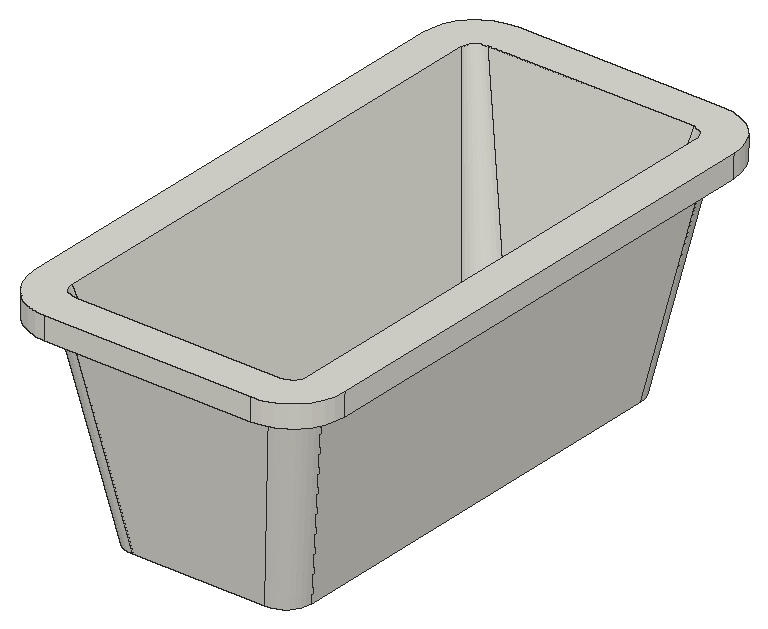
Revit family "Sink-Corian-European-Spicy-967", category Plumbing Fixtures, host Face, Revit 2015
Parameters (values of type "967")
  Width = 211 mm
  WFU = 0
  Version = "2015 - v1.0a"  # constant formula
  URL = "http://www.corian.uk/"
  Sink Colors Available = "Bone, Cameo White, Designer White, Glacier White, Vanilla"
  Product Page URL = "http://www.corian.uk/-kitchen-sinks-"
  Model = "Spicy 967"  # constant formula
  Manufacturer = "DuPont"  # constant formula
  Length = 401 mm
  Interior Width = 160 mm
  Interior Length = 350 mm
  Interior Depth = 140 mm
  HWFU = 0
  Finish = Solid Surface Sink - DuPont - Bone
  Description = "Kitchen Sink Europe Specification"  # constant formula
  Depth = 155 mm
  Default Elevation = 1219.2 mm
  Cost = 0
  CWFU = 0
Reference planes
  plane 1 "Center (Front/Back)": y = 0
  plane 2: z = 0
  plane 3 "Center (Left/Right)": x = 0
  plane 4: y = 200.5
  plane 5: y = -200.5
  plane 6: x = -105.5
  plane 7: x = 105.5
  plane 8: z = -152
  plane 9: x = -80
  plane 10: x = 80
  plane 11: y = 175
  plane 12: y = -175
  plane 13 "NAME": z = -12
  plane 14: z = -167
Forms (mm)
  Extrusion 1, void
    sketch origin (0, 0, 0) x (1, 0, 0) y (0, 1, 0)
      loop
        line (70, 175) -> (-70, 175)
        arc (-70, 175) -> (-77.071, 172.071) -> (-80, 165) r 10
        line (-80, 165) -> (-80, -165)
        arc (-80, -165) -> (-77.071, -172.071) -> (-70, -175) r 10
        line (-70, -175) -> (70, -175)
        arc (70, -175) -> (77.071, -172.071) -> (80, -165) r 10
        line (80, -165) -> (80, 165)
        arc (80, 165) -> (77.071, 172.071) -> (70, 175) r 10
    from -167 to 0
  Sweep 2, solid, material "Solid Surface Sink - DuPont - Bone" <- "Finish"
    path origin (-322.065, -4572, -12) x (-1, 0, 0) y (0, -1, 0)
      loop
        arc (-252.065, -4772.5) -> (-226.962, -4762.102) -> (-216.565, -4737) r 35.5
        line (-216.565, -4737) -> (-216.565, -4407)
        arc (-216.565, -4407) -> (-226.962, -4381.898) -> (-252.065, -4371.5) r 35.5
        line (-252.065, -4371.5) -> (-392.065, -4371.5)
        arc (-392.065, -4371.5) -> (-417.167, -4381.898) -> (-427.565, -4407) r 35.5
        line (-427.565, -4407) -> (-427.565, -4737)
        arc (-427.565, -4737) -> (-417.167, -4762.102) -> (-392.065, -4772.5) r 35.5
        line (-392.065, -4772.5) -> (-252.065, -4772.5)
    profile origin (0, 200.5, -12) x (0, 1, 0) y (0, 0, 1)
      loop
        line (-19.784, 0) -> (-22.973, -15) -> (0, -15) -> (0, 0) -> (-19.784, 0)
  Extrusion 3, void, detail levels medium+fine
    sketch origin (-322.065, -4572, -12) x (0, -1, 0) y (-1, 0, 0)
      loop
        circle (-4627, -322.065) r 45
    from 140 to 155
  Extrusion 4, solid, material "Solid Surface Sink - DuPont - Bone" <- "Finish"
    sketch origin (-322.065, -4572, -12) x (-1, 0, 0) y (0, -1, 0)
      loop
        line (-259.565, -4712) -> (-259.565, -4432)
        arc (-259.565, -4432) -> (-264.69, -4419.626) -> (-277.065, -4414.5) r 17.5
        line (-277.065, -4414.5) -> (-367.065, -4414.5)
        arc (-367.065, -4414.5) -> (-379.439, -4419.626) -> (-384.565, -4432) r 17.5
        line (-384.565, -4432) -> (-384.565, -4712)
        arc (-384.565, -4712) -> (-379.439, -4724.374) -> (-367.065, -4729.5) r 17.5
        line (-367.065, -4729.5) -> (-277.065, -4729.5)
        arc (-277.065, -4729.5) -> (-264.69, -4724.374) -> (-259.565, -4712) r 17.5
    from -155 to -145
  SweptBlend 5, solid, material "Solid Surface Sink - DuPont - Bone" <- "Finish"
    path origin (0, 0, 0) x (0, 1, 0) y (0, 0, 1)
      loop
        line (0, -12) -> (0, -167)
    profile origin (0, 0, -12) x (1, 0, 0) y (0, 1, 0)
      loop
        line (-90, 165) -> (-90, -165)
        arc (-90, -165) -> (-84.142, -179.142) -> (-70, -185) r 20
        line (-70, -185) -> (70, -185)
        arc (70, -185) -> (84.142, -179.142) -> (90, -165) r 20
        line (90, -165) -> (90, 165)
        arc (90, 165) -> (84.142, 179.142) -> (70, 185) r 20
        line (70, 185) -> (-70, 185)
        arc (-70, 185) -> (-84.142, 179.142) -> (-90, 165) r 20
    end profile origin (0, 0, -167) x (1, 0, 0) y (0, 1, 0)
      loop
        line (-62.5, 140) -> (-62.5, -140)
        arc (-62.5, -140) -> (-57.374, -152.374) -> (-45, -157.5) r 17.5
        line (-45, -157.5) -> (45, -157.5)
        arc (45, -157.5) -> (57.374, -152.374) -> (62.5, -140) r 17.5
        line (62.5, -140) -> (62.5, 140)
        arc (62.5, 140) -> (57.374, 152.374) -> (45, 157.5) r 17.5
        line (45, 157.5) -> (-45, 157.5)
        arc (-45, 157.5) -> (-57.374, 152.374) -> (-62.5, 140) r 17.5
  SweptBlend 6, void
    path origin (0, 0, 0) x (0, 1, 0) y (0, 0, 1)
      loop
        line (0, -12) -> (0, -167)
    profile origin (0, 0, -12) x (1, 0, 0) y (0, 1, 0)
      loop
        arc (-70, 175) -> (-77.071, 172.071) -> (-80, 165) r 10
        line (-80, 165) -> (-80, -165)
        arc (-80, -165) -> (-77.071, -172.071) -> (-70, -175) r 10
        line (-70, -175) -> (70, -175)
        arc (70, -175) -> (77.071, -172.071) -> (80, -165) r 10
        line (80, -165) -> (80, 165)
        arc (80, 165) -> (77.071, 172.071) -> (70, 175) r 10
        line (70, 175) -> (-70, 175)
    end profile origin (0, 0, -167) x (1, 0, 0) y (0, 1, 0)
      loop
        line (-49, 126.5) -> (-49, -126.5)
        arc (-49, -126.5) -> (-43.874, -138.874) -> (-31.5, -144) r 17.5
        line (-31.5, -144) -> (31.5, -144)
        arc (31.5, -144) -> (43.874, -138.874) -> (49, -126.5) r 17.5
        line (49, -126.5) -> (49, 126.5)
        arc (49, 126.5) -> (43.874, 138.874) -> (31.5, 144) r 17.5
        line (31.5, 144) -> (-31.5, 144)
        arc (-31.5, 144) -> (-43.874, 138.874) -> (-49, 126.5) r 17.5
Cuts and joins
  Extrusion 3 cuts Extrusion 4
  SweptBlend 6 cuts SweptBlend 5
  joined: Sweep 2, Extrusion 4, SweptBlend 5
Lines and regions (mm)
  Masking region 1, detail levels medium+fine
    outline origin (177.935, -4572, -12) x (-1, 0, 0) y (0, -1, 0)
      loop
        circle (177.935, -4627) r 45
  Masking region 2
    outline origin (500, 0, 0) x (1, 0, 0) y (0, 1, 0)
      loop
        line (-430, 175) -> (-570, 175)
        arc (-570, 175) -> (-577.071, 172.071) -> (-580, 165) r 10
        line (-580, 165) -> (-580, -165)
        arc (-580, -165) -> (-577.071, -172.071) -> (-570, -175) r 10
        line (-570, -175) -> (-430, -175)
        arc (-430, -175) -> (-422.929, -172.071) -> (-420, -165) r 10
        line (-420, -165) -> (-420, 165)
        arc (-420, 165) -> (-422.929, 172.071) -> (-430, 175) r 10
  Masking region 3, detail levels fine
    outline origin (500, 0, 0) x (1, 0, 0) y (0, 1, 0)
      loop
        line (-465.75, 145.987) -> (-534.25, 145.987)
        arc (-534.25, 145.987) -> (-546.085, 141.085) -> (-550.987, 129.25) r 16.737
        line (-550.987, 129.25) -> (-550.987, -129.25)
        arc (-550.987, -129.25) -> (-546.085, -141.085) -> (-534.25, -145.987) r 16.737
        line (-534.25, -145.987) -> (-465.75, -145.987)
        arc (-465.75, -145.987) -> (-453.915, -141.085) -> (-449.013, -129.25) r 16.737
        line (-449.013, -129.25) -> (-449.013, 129.25)
        arc (-449.013, 129.25) -> (-453.915, 141.085) -> (-465.75, 145.987) r 16.737
Dimensions and locks
  equal spacing: plane 4, plane 1 "Center (Front/Back)", plane 5
  equal spacing: plane 6, plane 3 "Center (Left/Right)", plane 7
  "Length": plane 4 to plane 5
  "Width": plane 6 to plane 7
  equal spacing: plane 9, plane 3 "Center (Left/Right)", plane 10
  equal spacing: plane 11, plane 1 "Center (Front/Back)", plane 12
  "Interior Width": plane 9 to plane 10
  "Interior Length": plane 11 to plane 12
  locked: plane 2 to plane 13 "NAME" at 12
  "Interior Depth": plane 13 "NAME" to plane 8
  plane 9 to Sweep 2 sketch curve to Sweep 2 sketch curve = 10 mm locked, 0 mm locked
  Sweep 2 sketch curve to Sweep 2 sketch curve to plane 10 = 0 mm locked, 10 mm locked
  plane 11 to Sweep 2 sketch curve to Sweep 2 sketch curve = 10 mm locked, 0 mm locked
  Sweep 2 sketch curve to Sweep 2 sketch curve to plane 12 = 0 mm locked, 10 mm locked
  plane 4 to Extrusion 4 sketch curve to Extrusion 4 sketch curve to Extrusion 4 sketch curve = 43 mm locked, 17.5 mm locked, 0 mm locked
  Extrusion 4 sketch curve to Extrusion 4 sketch curve to Extrusion 4 sketch curve to plane 5 = 0 mm locked, 17.5 mm locked, 43 mm locked
  Extrusion 4 sketch curve to Extrusion 4 sketch curve to Extrusion 4 sketch curve to plane 7 = 0 mm locked, 17.5 mm locked, 43 mm locked
  plane 6 to Extrusion 4 sketch curve to Extrusion 4 sketch curve to Extrusion 4 sketch curve = 43 mm locked, 17.5 mm locked, 0 mm locked
  "Depth": plane 13 "NAME" to plane 14
  locked: plane 11 to Extrusion 3 sketch curve at 120
  plane 6 to Masking region 2 sketch curve to Masking region 2 sketch curve = 35.5 mm locked, 0 mm locked
  Masking region 2 sketch curve to Masking region 2 sketch curve to plane 7 = 0 mm locked, 35.5 mm locked
  plane 4 to Masking region 2 sketch curve to Masking region 2 sketch curve = 35.5 mm locked, 0 mm locked
  Masking region 2 sketch curve to Masking region 2 sketch curve to plane 5 = 0 mm locked, 35.5 mm locked
  Sweep 2 sketch curve to Sweep 2 sketch curve to plane 11 = 3.188 mm locked, 2.527 mm locked
  locked: plane 13 "NAME" to Sweep 2 sketch curve at 15
  SweptBlend 5 sketch curve to plane 9 to SweptBlend 5 sketch curve to SweptBlend 5 sketch curve = 10 mm locked, 10 mm locked, 0 mm locked
  SweptBlend 5 sketch curve to SweptBlend 5 sketch curve to SweptBlend 5 sketch curve to plane 7 = 0 mm locked, 20 mm locked, 15.5 mm locked
  SweptBlend 5 sketch curve to plane 11 to SweptBlend 5 sketch curve to SweptBlend 5 sketch curve = 10 mm locked, 10 mm locked, 0 mm locked
  SweptBlend 5 sketch curve to SweptBlend 5 sketch curve to plane 12 to SweptBlend 5 sketch curve = 0 mm locked, 10 mm locked, 10 mm locked
  plane 9 to SweptBlend 5 sketch curve to SweptBlend 5 sketch curve to SweptBlend 5 sketch curve = 17.5 mm locked, 17.5 mm locked, 0 mm locked
  SweptBlend 5 sketch curve to SweptBlend 5 sketch curve to SweptBlend 5 sketch curve to plane 10 = 0 mm locked, 17.5 mm locked, 17.5 mm locked
  plane 11 to SweptBlend 5 sketch curve to SweptBlend 5 sketch curve to SweptBlend 5 sketch curve = 17.5 mm locked, 17.5 mm locked, 0 mm locked
  SweptBlend 5 sketch curve to SweptBlend 5 sketch curve to SweptBlend 5 sketch curve to plane 12 = 0 mm locked, 17.5 mm locked, 17.5 mm locked
  plane 9 to SweptBlend 6 sketch curve to SweptBlend 6 sketch curve to SweptBlend 6 sketch curve = 0 mm locked, 10 mm locked, 0 mm locked
  SweptBlend 6 sketch curve to SweptBlend 6 sketch curve to SweptBlend 6 sketch curve to plane 10 = 0 mm locked, 10 mm locked, 0 mm locked
  plane 11 to SweptBlend 6 sketch curve to SweptBlend 6 sketch curve to SweptBlend 6 sketch curve = 0 mm locked, 10 mm locked, 0 mm locked
  SweptBlend 6 sketch curve to SweptBlend 6 sketch curve to SweptBlend 6 sketch curve to plane 12 = 0 mm locked, 10 mm locked, 0 mm locked
  plane 11 to SweptBlend 6 sketch curve to SweptBlend 6 sketch curve to SweptBlend 6 sketch curve = 31 mm locked, 17.5 mm locked, 0 mm locked
  SweptBlend 6 sketch curve to SweptBlend 6 sketch curve to SweptBlend 6 sketch curve to plane 12 = 0 mm locked, 17.5 mm locked, 31 mm locked
  SweptBlend 6 sketch curve to SweptBlend 6 sketch curve to SweptBlend 6 sketch curve to plane 10 = 0 mm locked, 17.5 mm locked, 31 mm locked
  plane 9 to SweptBlend 6 sketch curve to SweptBlend 6 sketch curve to SweptBlend 6 sketch curve = 31 mm locked, 17.5 mm locked, 0 mm locked
  locked: plane 13 "NAME" to SweptBlend 6 sketch curve
  plane 11 to Masking region 3 sketch curve to Masking region 3 sketch curve to Masking region 3 sketch curve = 29.013 mm locked, 16.737 mm locked, 0 mm locked
  Masking region 3 sketch curve to Masking region 3 sketch curve to Masking region 3 sketch curve to plane 12 = 0 mm locked, 16.737 mm locked, 29.013 mm locked
  plane 9 to Masking region 3 sketch curve to Masking region 3 sketch curve to Masking region 3 sketch curve = 29.013 mm locked, 16.737 mm locked, 0 mm locked
  Masking region 3 sketch curve to Masking region 3 sketch curve to Masking region 3 sketch curve to plane 10 = 0 mm locked, 16.737 mm locked, 29.013 mm locked
  locked: plane 1 "Center (Front/Back)" to Masking region 1 sketch curve at 55
  diameter of Extrusion 3 sketch curve = 90 mm
  aligned and locked: plane 2 to host face
  aligned and locked: level to host face
  aligned and locked: level to Extrusion 1
  aligned and locked: plane 3 "Center (Left/Right)" to Extrusion 3 sketch curve
  aligned and locked: Extrusion 3 to plane 14
  aligned and locked: plane 8 to Extrusion 3
  aligned and locked: cut or joined group of Sweep 2, Extrusion 3, Extrusion 4, SweptBlend 5, SweptBlend 6 to plane 14
  aligned and locked: Extrusion 1 to plane 14
  aligned and locked: Sweep 2 sketch curve to plane 4
  aligned and locked: Sweep 2 sketch curve to plane 7
  aligned and locked: plane 6 to Sweep 2 sketch curve
  aligned and locked: plane 1 "Center (Front/Back)" to SweptBlend 5 sketch curve
  aligned and locked: plane 1 "Center (Front/Back)" to SweptBlend 6 sketch curve
  aligned and locked: plane 4 to Sweep 2 sketch curve
  aligned and locked: plane 13 "NAME" to Sweep 2 sketch curve
  aligned and locked: plane 14 to SweptBlend 6 sketch curve
  aligned and locked: plane 3 "Center (Left/Right)" to Masking region 1 sketch curve
  aligned and locked: plane 13 "NAME" to SweptBlend 5 sketch curve
  aligned and locked: Extrusion 1 sketch curve to plane 12
  aligned and locked: plane 10 to Extrusion 1 sketch curve
  aligned and locked: Extrusion 1 sketch curve to plane 9
  aligned and locked: plane 11 to Extrusion 1 sketch curve
Automatic sketch dimensions
  host sketch curve to host sketch curve = 2438.4 mm  (x2)
  Extrusion 1 sketch curve to Extrusion 1 sketch curve = 0 mm  (x2)
  plane 9 to Extrusion 1 sketch curve = 10 mm  (x2)
  SweptBlend 5 sketch curve to plane 14 = 0 mm
  Masking region 1 sketch curve to plane 1 "Center (Front/Back)" = 100 mm
  Masking region 2 sketch curve to plane 9 = 0 mm
Connectors
  piping at (0, 55, -167), diameter 90
    settings: on cut or joined group of Sweep 2, Extrusion 3, Extrusion 4, SweptBlend 5, SweptBlend 6, index 1, connector inside diameter 24", connector length 0 mm, flow factor 0, pipe flow 0 GPM, pressure drop 0.00 psi, fitting loss kfactor 0, connector angle 0.00°, fixture units 0, engagement length 0 mm, angle of deflection 0.00°, flow configuration 0, flow direction 2, fitting loss method 0, system type 16, joint type 0, gender type 0, connector reference index -1, connector utility 0, adjustable connector no, is connector primary yes, connector description "Drain"
